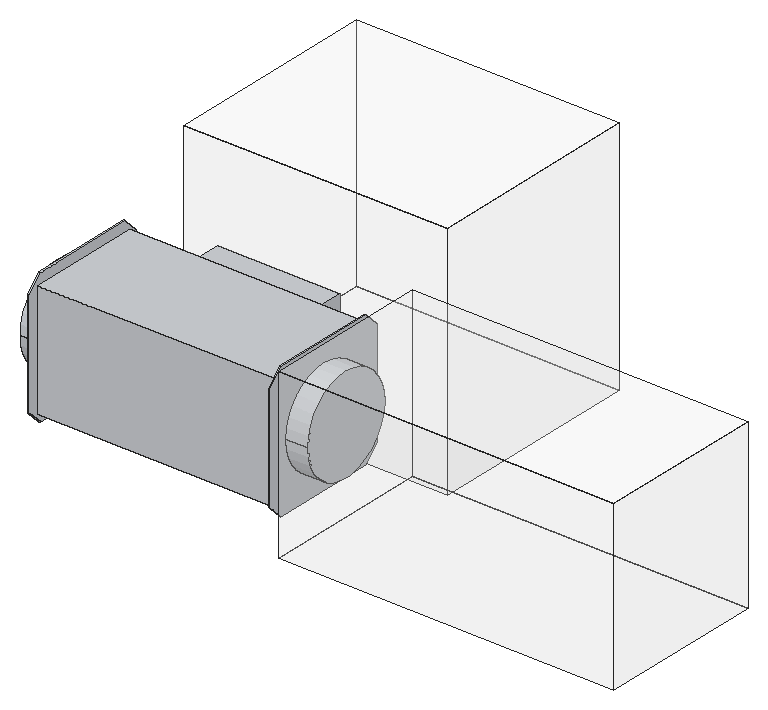
Revit family "140_VAV_変風量ユニット_丸ダクト用_R21", category Duct Accessories, Revit 2021
Family settings
  Round Connector Dimension = Use Diameter
  Part Type = Breaks Into
  OmniClass Number = 23.75.70.11.14.14
  OmniClass Title = Dampers for Air Ductwork
  Work Plane-Based = No
  Always vertical = Yes
  Cut with Voids When Loaded = No
  Shared = No
Parameters (values of type "変風量ユニット_丸ダクト用")
  風量 [instance] = 0.0 m³/h
  風速 = 0.0 m/s
  質量 = 7.00 kg
  製品出荷対象 = ""
  製品リリース年月 = ""
  法定耐用年数 = "15"
  圧力損失 [instance] = 0.0 Pa
  メンテナンススペース [instance] = yes
  メンテ_W [instance] = 700 mm
  メンテ_H [instance] = 350 mm
  メンテ_D [instance] = 350 mm
  VAV長さ [instance] = 550 mm
  Default Elevation = 0 mm
  2D記号 = 記号_変風量ユニット : 1/100
  製品グループ = ""
  耐圧 [instance] = ""
  符号 = "VAV"
  積算_科目 = ""
  積算_拾い区分 [instance] = ""
  built-in parameter 1114242 [instance] = 1
  材質 = ""
  方向2 [instance] = not(方向1)  # no
  方向1 [instance] = yes
  文字 [instance] = ""
  呼称 = "変風量ユニット"
  分類コード = "50059004100020"
  分類グループ = ""
  企業コード = ""
  仕様書バージョン = "Version1.0"
  仕様7 [instance] = ""
  仕様6 [instance] = ""
  仕様5 [instance] = ""
  仕様4 [instance] = ""
  仕様3 [instance] = ""
  仕様2 [instance] = ""
  仕様 [instance] = ""
  ダクト径 [instance] = 200 mm
  本体マテリアル = none
  コメント [instance] = ""
  Width [instance] = 280 mm
  Version = ""
  Uniclass2015Version = "Systems v1.9"
  Uniclass2015Title = "Variable air volume boxes"
  Uniclass2015Code = "Pr_65_65_24_93"
  SpecificationReference = ""
  SpecificationDescription = ""
  Revision = ""
  ProductInformation = ""
  OmniClassCode = "23-33 41 17 13"
  IfcTypeProduct = ""
  IfcProduct = ""
  IfcExportType = "VARIABLEFLOWPRESSUREDEPENDANT"
  IfcExportAs = "IfcAirTerminalBoxType"
  Height [instance] = 280 mm
  Depth = 600 mm
  Author = "Revit User Group Japan"
  2D [instance] = yes
Reference planes
  plane 1 "中心(正面/背面)": y = 0
  plane 2: z = 0
  plane 3 "中心(左/右)": x = 0
  plane 4: y = 140
  plane 5: x = 300
  plane 6: z = 140
  plane 7: z = -140
  plane 8: x = 0
  plane 9: y = -140
  plane 10: x = -300
  plane 11: x = -250
  plane 12: x = 250
  plane 13: y = 120
  plane 14: y = -120
  plane 15: z = 120
  plane 16: z = -120
  plane 17: y = -110
  plane 18: y = 110
  plane 19: z = 110
  plane 20: z = -110
  plane 21: y = -140
Forms (mm)
  Extrusion 1, solid, material <- "本体マテリアル", detail levels medium+fine
    sketch origin (-158.75, 0, 0) x (1, 0, 0) y (0, 1, 0)
      loop
        line (-91.25, 120) -> (-91.25, -120) -> (408.75, -120) -> (408.75, 120) -> (-91.25, 120)
    from -120 to 120
  Extrusion 2, solid, material <- "本体マテリアル", detail levels fine
    sketch origin (0, 0, 0) x (0, 1, 0) y (0, 0, 1)
      loop
        circle (0, 0) r 100
    from -300 to -250
  Extrusion 3, solid, material <- "本体マテリアル", detail levels fine
    sketch origin (0, 0, 0) x (0, 1, 0) y (0, 0, 1)
      loop
        circle (0, 0) r 100
    from 250 to 300
  Extrusion 4, solid, material <- "本体マテリアル", detail levels fine
    sketch origin (0, 0, 0) x (0, 1, 0) y (0, 0, 1)
      loop
        line (110, -140) -> (140, -110) -> (140, 110) -> (110, 140) -> (-110, 140) -> (-140, 110) -> (-140, -110) -> (-110, -140) -> (110, -140)
    from -250 to -252.5
  Extrusion 5, solid, material <- "本体マテリアル", detail levels fine
    sketch origin (0, 0, 0) x (0, 1, 0) y (0, 0, 1)
      loop
        line (110, -140) -> (140, -110) -> (140, 110) -> (110, 140) -> (-110, 140) -> (-140, 110) -> (-140, -110) -> (-110, -140) -> (110, -140)
    from 250 to 252.5
  Extrusion 6, solid
    sketch origin (-11.5, -10, 0) x (1, 0, 0) y (0, 1, 0)
      loop
        line (-168.5, 275) -> (-168.5, 130) -> (86.5, 130) -> (86.5, 275) -> (-168.5, 275)
    from -50 to 50
Lines and regions (mm)
  symbolic lines, visible <- "方向1", detail levels medium+fine
    curve 1: line (-250, 120, 0) -> (250, 0, 0)
    curve 2: line (250, 0, 0) -> (-250, -120, 0)
  symbolic lines, visible <- "方向2", detail levels fine
    curve 3: line (250, 120, 0) -> (-250, 0, 0)
    curve 4: line (-250, 0, 0) -> (250, -120, 0)
  model lines, style "メンテナンススペース", visible <- "メンテナンススペース"
    curve 5: line (-250, 715, 0) -> (300, 265, 0)
    curve 6: line (300, 715, 0) -> (-250, 265, 0)
Dimensions and locks
  equal spacing: plane 6, plane 2, plane 7
  equal spacing: plane 4, plane 1 "中心(正面/背面)", plane 9
  "Width": plane 4 to plane 9
  "Width": plane 7 to plane 6
  equal spacing: plane 10, plane 3 "中心(左/右)", plane 5
  "Depth": plane 10 to plane 5
  locked: plane 12 to plane 5 at 50
  locked: plane 10 to plane 11 at 50
  locked: plane 4 to plane 13 at 20
  locked: plane 9 to plane 14 at 20
  locked: plane 15 to plane 6 at 20
  locked: plane 7 to plane 16 at 20
  locked: plane 4 to plane 18 at 30
  locked: plane 17 to plane 9 at 30
  locked: plane 19 to plane 6 at 30
  locked: plane 7 to plane 20 at 30
  locked: plane 12 to Extrusion 5 at 2.5
  locked: Extrusion 4 to plane 11 at 2.5
  "Height": plane 4 to plane 21
  locked: Extrusion 6 to Extrusion 6 at 255
  "ダクト径": diameter of Extrusion 3 sketch curve
  "ダクト径": diameter of Extrusion 2 sketch curve
  aligned and locked: plane 3 "中心(左/右)" to plane 8
  aligned and locked: Extrusion 2 to plane 10
  aligned and locked: plane 11 to Extrusion 2
  aligned and locked: Extrusion 3 to plane 12
  aligned and locked: Extrusion 1 to plane 15
  aligned and locked: plane 16 to Extrusion 1
  aligned and locked: Extrusion 5 to plane 12
  aligned and locked: Extrusion 4 to plane 11
  aligned and locked: plane 5 to Extrusion 3
  aligned and locked: plane 1 "中心(正面/背面)" to nested 1
  aligned and locked: nested 2 to plane 1 "中心(正面/背面)"
  aligned and locked: nested 2 to plane 8
  aligned and locked: plane 8 to nested 1
Automatic sketch dimensions
  Extrusion 1 sketch curve to plane 11 = 0 mm
  Extrusion 1 sketch curve to plane 12 = 0 mm
  Extrusion 1 sketch curve to plane 14 = 0 mm
  Extrusion 1 sketch curve to plane 13 = 0 mm
  Extrusion 4 sketch curve to plane 9 = 0 mm
  plane 7 to Extrusion 4 sketch curve = 0 mm
  Extrusion 4 sketch curve to plane 17 = 0 mm  (x2)
  plane 6 to Extrusion 4 sketch curve = 0 mm
  Extrusion 4 sketch curve to plane 18 = 0 mm  (x2)
  Extrusion 4 sketch curve to plane 4 = 0 mm
  plane 20 to Extrusion 4 sketch curve = 0 mm  (x2)
  plane 19 to Extrusion 4 sketch curve = 0 mm  (x2)
  Extrusion 5 sketch curve to plane 9 = 0 mm
  plane 7 to Extrusion 5 sketch curve = 0 mm
  Extrusion 5 sketch curve to plane 17 = 0 mm  (x2)
  plane 6 to Extrusion 5 sketch curve = 0 mm
  Extrusion 5 sketch curve to plane 18 = 0 mm  (x2)
  Extrusion 5 sketch curve to plane 4 = 0 mm
  plane 20 to Extrusion 5 sketch curve = 0 mm  (x2)
  plane 19 to Extrusion 5 sketch curve = 0 mm  (x2)
  plane 1 "中心(正面/背面)" to curve 3 = 0 mm
  curve 3 to plane 11 = 0 mm
  curve 2 to plane 11 = 0 mm
  curve 1 to plane 11 = 0 mm
  curve 3 to plane 12 = 0 mm
  plane 1 "中心(正面/背面)" to curve 2 = 0 mm
  curve 2 to plane 12 = 0 mm
  curve 4 to plane 12 = 0 mm
  curve 2 to plane 14 = 0 mm
  plane 14 to curve 4 = 0 mm
  plane 13 to curve 3 = 0 mm
  curve 1 to plane 13 = 0 mm
  Extrusion 2 sketch curve to level = 0 mm
  Extrusion 2 sketch curve to plane 1 "中心(正面/背面)" = 0 mm
  Extrusion 3 sketch curve to level = 0 mm
  Extrusion 3 sketch curve to plane 1 "中心(正面/背面)" = 0 mm
  Extrusion 6 sketch curve to plane 5 = 480 mm
  Extrusion 6 sketch curve to Extrusion 6 sketch curve = 255 mm
  Extrusion 6 sketch curve to plane 4 = 20 mm
  Extrusion 6 sketch curve to Extrusion 6 sketch curve = 145 mm
  curve 6 to plane 5 = 550 mm
  curve 5 to plane 5 = 550 mm
  curve 5 to curve 6 = 550 mm
  plane 4 to curve 5 = 125 mm
  curve 5 to curve 6 = 0 mm
  plane 4 to curve 6 = 125 mm
  curve 5 to curve 6 = 450 mm
  curve 6 to curve 5 = 450 mm
Nested families
  nested 1: "記号_変風量ユニット" at (0, 0, 0), type "1/100", detail levels coarse
  nested 2: "記号_変風量ユニット" at (0, 0, 0) x (-1, 0, 0) z (0, 0, 1), type "1/100", not visible, detail levels coarse
  nested 3: "2D" at (650, 0, 0), visible <- "2D", type "サービススペース"
    with Width 700 mm, Height 350 mm, Depth 350 mm
  nested 4: "メンテナンススペース" at (25, 490, 0), visible <- "メンテナンススペース", type "サービススペース"
    with Width 550 mm, Depth 450 mm
Connectors
  hvac at (300, 0, 0), driven by "ダクト径", driven by "圧力損失", driven by "風量"
    settings: on Extrusion 3, index 3, duct flow 0.0 m³/h, flow factor 0, pres drop 0.0 Pa, loss coef 0, conn angle 0.00°, conn width 304.8 mm, conn height 304.8 mm, conn diameter 200 mm, duct sys type 29, conn prof type 0, flow config 1, flow direction 0, loss method 4, conn ref index 4, conn util no, is conn primary no, conn desc ""
  hvac at (-300, 0, 0), driven by "ダクト径", driven by "圧力損失", driven by "風量"
    settings: on Extrusion 2, index 4, duct flow 0.0 m³/h, flow factor 0, pres drop 0.0 Pa, loss coef 0, conn angle 0.00°, conn width 304.8 mm, conn height 304.8 mm, conn diameter 200 mm, duct sys type 29, conn prof type 0, flow config 1, flow direction 0, loss method 4, conn ref index 3, conn util no, is conn primary yes, conn desc ""
Definition of nested family "2D"
  Parameters (values of type "サービススペース")
    Default Elevation = 0 mm
    Width = 500 mm
    Height = 500 mm
    Depth = 500 mm
  Reference planes
    plane 1 "中心(正面/背面)": y = 0
    plane 2: z = 0
    plane 3 "中心(左/右)": x = 0
    plane 4: y = -250
    plane 5: x = 250
    plane 6: y = 250
    plane 7: x = -250
    plane 8: z = 250
    plane 9: z = -250
  Forms (mm)
    Extrusion 1, solid
      sketch origin (-638.939, 0, 72.39) x (1, 0, 0) y (0, 1, 0)
        loop
          line (388.939, 250) -> (388.939, -250) -> (888.939, -250) -> (888.939, 250) -> (388.939, 250)
      from -322.39 to 177.61
  Lines and regions (mm)
    symbolic lines
      curve 1: line (-250, 0, 250) -> (250, 0, 250)
      curve 2: line (-250, 0, -250) -> (-250, 0, 250)
      curve 3: line (250, 0, -250) -> (-250, 0, -250)
      curve 4: line (250, 0, 250) -> (250, 0, -250)
      curve 5: line (0, -250, 250) -> (0, 250, 250)
      curve 6: line (0, -250, -250) -> (0, -250, 250)
      curve 7: line (0, 250, -250) -> (0, -250, -250)
      curve 8: line (0, 250, 250) -> (0, 250, -250)
      curve 9: line (-250, 250, 0) -> (250, 250, 0)
      curve 10: line (-250, -250, 0) -> (-250, 250, 0)
      curve 11: line (250, -250, 0) -> (-250, -250, 0)
      curve 12: line (250, 250, 0) -> (250, -250, 0)
  Dimensions and locks
    equal spacing: plane 7, plane 3 "中心(左/右)", plane 5
    equal spacing: plane 4, plane 1 "中心(正面/背面)", plane 6
    "Depth": plane 4 to plane 6
    "Width": plane 7 to plane 5
    equal spacing: plane 8, plane 2, plane 9
    "Height": plane 8 to plane 9
    aligned and locked: plane 9 to curve 3
    aligned and locked: plane 7 to curve 2
    aligned and locked: curve 4 to plane 5
    aligned and locked: plane 5 to Extrusion 1
    aligned and locked: Extrusion 1 to plane 7
    aligned and locked: Extrusion 1 to plane 9
    aligned and locked: plane 8 to Extrusion 1
    aligned and locked: plane 9 to curve 7
  Automatic sketch dimensions
    plane 4 to Extrusion 1 sketch curve = 0 mm
    Extrusion 1 sketch curve to plane 7 = 0 mm
    Extrusion 1 sketch curve to plane 5 = 0 mm
    plane 6 to Extrusion 1 sketch curve = 0 mm
    curve 2 to plane 8 = 0 mm
    plane 4 to curve 11 = 0 mm
    curve 11 to plane 7 = 0 mm
    curve 11 to plane 5 = 0 mm
    plane 6 to curve 10 = 0 mm
    curve 7 to plane 4 = 0 mm
    curve 7 to plane 6 = 0 mm
    curve 6 to plane 8 = 0 mm
Definition of nested family "メンテナンススペース"
  Parameters (values of type "サービススペース")
    Default Elevation = 0 mm
    Width = 500 mm
    Height = 500 mm
    Depth = 500 mm
  Reference planes
    plane 1 "中心(正面/背面)": y = 0
    plane 2: z = 0
    plane 3 "中心(左/右)": x = 0
    plane 4: y = -250
    plane 5: x = 250
    plane 6: y = 250
    plane 7: x = -250
    plane 8: z = 250
    plane 9: z = -250
  Forms (mm)
    Extrusion 1, solid
      sketch origin (-638.939, 0, 72.39) x (1, 0, 0) y (0, 1, 0)
        loop
          line (388.939, 250) -> (388.939, -250) -> (888.939, -250) -> (888.939, 250) -> (388.939, 250)
      from -322.39 to 177.61
  Lines and regions (mm)
    symbolic lines
      curve 1: line (-250, 0, 250) -> (250, 0, 250)
      curve 2: line (-250, 0, -250) -> (-250, 0, 250)
      curve 3: line (250, 0, -250) -> (-250, 0, -250)
      curve 4: line (250, 0, 250) -> (250, 0, -250)
      curve 5: line (0, -250, 250) -> (0, 250, 250)
      curve 6: line (0, -250, -250) -> (0, -250, 250)
      curve 7: line (0, 250, -250) -> (0, -250, -250)
      curve 8: line (0, 250, 250) -> (0, 250, -250)
      curve 9: line (-250, 250, 0) -> (250, 250, 0)
      curve 10: line (-250, -250, 0) -> (-250, 250, 0)
      curve 11: line (250, -250, 0) -> (-250, -250, 0)
      curve 12: line (250, 250, 0) -> (250, -250, 0)
  Dimensions and locks
    equal spacing: plane 7, plane 3 "中心(左/右)", plane 5
    equal spacing: plane 4, plane 1 "中心(正面/背面)", plane 6
    "Depth": plane 4 to plane 6
    "Width": plane 7 to plane 5
    equal spacing: plane 8, plane 2, plane 9
    "Height": plane 8 to plane 9
    aligned and locked: plane 9 to curve 3
    aligned and locked: plane 7 to curve 2
    aligned and locked: curve 4 to plane 5
    aligned and locked: plane 5 to Extrusion 1
    aligned and locked: Extrusion 1 to plane 7
    aligned and locked: Extrusion 1 to plane 9
    aligned and locked: plane 8 to Extrusion 1
    aligned and locked: plane 9 to curve 7
  Automatic sketch dimensions
    plane 4 to Extrusion 1 sketch curve = 0 mm
    Extrusion 1 sketch curve to plane 7 = 0 mm
    Extrusion 1 sketch curve to plane 5 = 0 mm
    plane 6 to Extrusion 1 sketch curve = 0 mm
    curve 2 to plane 8 = 0 mm
    plane 4 to curve 11 = 0 mm
    curve 11 to plane 7 = 0 mm
    curve 11 to plane 5 = 0 mm
    plane 6 to curve 10 = 0 mm
    curve 7 to plane 4 = 0 mm
    curve 7 to plane 6 = 0 mm
    curve 6 to plane 8 = 0 mm
Definition of nested family "記号_変風量ユニット"
  Parameters
    倍率 = 1
    W = 5 mm * 倍率  # 5 mm
    D = 3 mm * 倍率  # 3 mm
  Reference planes
    plane 1: y = 0
    plane 2: x = 0
  Lines and regions (mm)
    Filled region 1, type "塗り潰し領域"
      outline origin (0, 0, 0) x (1, 0, 0) y (0, 1, 0)
        loop
          line (-2.5, -1.5) -> (2.5, 0) -> (-2.5, 1.5) -> (-2.5, -1.5)
    detail lines
      curve 1: line (-2.5, 1.5, 0) -> (2.5, 1.5, 0)
      curve 2: line (-2.5, -1.5, 0) -> (-2.5, 1.5, 0)
      curve 3: line (2.5, -1.5, 0) -> (-2.5, -1.5, 0)
      curve 4: line (2.5, 1.5, 0) -> (2.5, -1.5, 0)
      curve 5: line (-2.5, 1.5, 0) -> (2.5, 0, 0)
      curve 6: line (-2.5, -1.5, 0) -> (2.5, 0, 0)
    reference lines
      curve 7: line (-2.5, -4.77, 0) -> (-2.5, 4.892, 0)
      curve 8: line (2.5, 4.892, 0) -> (2.5, -4.77, 0)
      curve 9: line (-4.482, 1.5, 0) -> (4.48, 1.5, 0)
      curve 10: line (4.48, -1.5, 0) -> (-4.482, -1.5, 0)
  Dimensions and locks
    equal spacing: curve 10, plane 1, curve 9
    "D": curve 9 to curve 10
    equal spacing: curve 7, plane 2, curve 8
    "W": curve 7 to curve 8
    aligned and locked: curve 9 to curve 1
    aligned and locked: curve 10 to curve 3
    aligned and locked: curve 7 to curve 2
    aligned and locked: curve 8 to curve 4
    aligned and locked: curve 2 to Filled region 1 sketch curve
    aligned and locked: Filled region 1 sketch curve to curve 5
    aligned and locked: Filled region 1 sketch curve to curve 6
  Automatic sketch dimensions
    plane 1 to curve 5 = 0 mm
    curve 9 to curve 7 = 1.982 mm
    curve 10 to curve 9 = 0 mm
    curve 8 to curve 10 = 1.98 mm
    curve 9 to curve 10 = 0 mm
    curve 7 to curve 10 = 3.27 mm
    curve 8 to curve 10 = 3.27 mm
    curve 9 to curve 8 = 3.392 mm
    curve 9 to curve 7 = 3.392 mm
